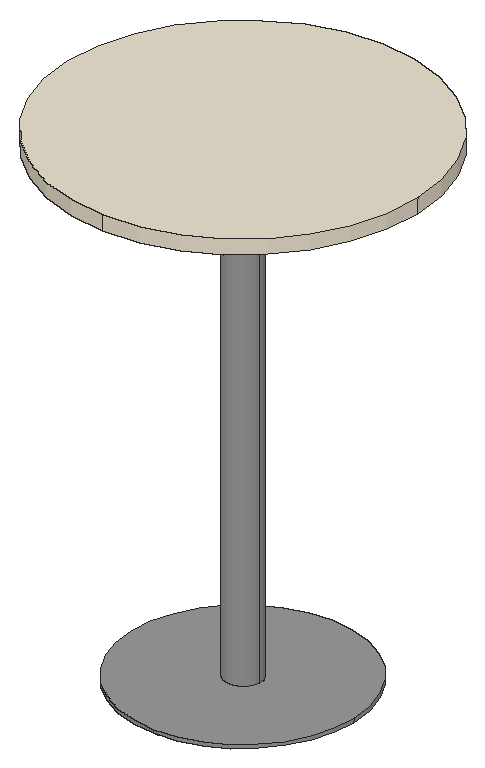
Revit family "FU_Table_Sandler_578A-XT", category Furniture, Revit 2020
Family settings
  OmniClass Number = 23.40.20.00
  OmniClass Title = General Furniture and Specialties
  Work Plane-Based = No
  Always vertical = Yes
  Cut with Voids When Loaded = No
  Shared = No
  Room Calculation Point = No
Parameters (values of type "578A XT - 32" Round Top (80cm)")
  Width = 510 mm
  URL = "https://www.sandlerseating.com/product/art-578a-xt/"
  Top Type = FU_TableTops_MT Rnd : 32" Round (80cm)
  Top Elevation = Height  # 1100 mm
  Top Finish [instance] = Wood - Beech - Grey Stained
  Model = "578A XT"
  Manufacturer = "Sandler"
  Height = 1100 mm
  Frame Finish [instance] = Metal - Steel - Matt-Satin
  Description = "Table base in stainless steel."
  Depth = Width  # 510 mm
  Default Elevation = 0 mm
Types (4, lengths in mm): name | Top Type | Top Finish | Frame Finish
  (no name) | FU_TableTops_MT Rnd : 32" Round (80cm) | Wood - Beech - Grey Stained | Metal - Steel - Matt-Satin
  578A XT - 32" Round Top (80cm) | FU_TableTops_MT Rnd : 32" Round (80cm) | Wood - Beech - Grey Stained | Metal - Steel - Matt-Satin
  578A XT - 36" Round Top (90cm) | FU_TableTops_MT Rnd : 36" Round (90cm) | Wood - Beech - Chestnut Stained | Metal - Steel - Matt-Satin
  578A XT - 28" Square Top (70cm) | FU_TableTops_MT Sqr : 28" Square (70cm) | Wood - Beech - Grey Stained | Metal - Steel - Polished
Reference planes
  plane 1 "Center (Front/Back)": y = 0
  plane 2: z = 0
  plane 3 "Center (Left/Right)": x = 0
  plane 4 "Right": x = -255
  plane 5 "Left": x = 255
  plane 6 "Back": y = 255
  plane 7 "Front": y = -255
  plane 8 "Height": z = 1100
  plane 9 "Top Support": z = 1080
  plane 10 "Glide Height": z = 6
  plane 11 "Base height": z = 14
  plane 12 "R Pad C": x = -239
  plane 13 "B Pad C": y = 239
  plane 14 "L Pad C": x = 239
  plane 15 "F Pad C": y = -239
Forms (mm)
  Extrusion 1, solid, material "Metal - Steel - Matt-Satin" <- "Frame Finish"
    sketch origin (0, 0, 6) x (-1, 0, 0) y (0, -1, 0)
      loop
        arc (255, 0) -> (180.312, 180.312) -> (0, 255) r 255
        arc (0, 255) -> (-180.312, 180.312) -> (-255, 0) r 255
        arc (-255, 0) -> (-180.312, -180.312) -> (0, -255) r 255
        arc (0, -255) -> (180.312, -180.312) -> (255, 0) r 255
    from 0 to 8
  Revolve 2, solid, material "Rubber, Black"
    sketch origin (0, 0, 0) x (1, 0, 0) y (0, 0, 1)
      loop
        line (-239, 0) -> (-239, 6) -> (-247, 6) -> (-247, 2)
        arc (-247, 2) -> (-246.414, 0.586) -> (-245, 0) r 2
        line (-245, 0) -> (-239, 0)
      axis (-239, 6) -> (-239, 0)
    angle from 0 to 360
  Revolve 3, solid, material "Rubber, Black"
    sketch origin (0, 0, 0) x (-1, 0, 0) y (0, 0, 1)
      loop
        line (-239, 0) -> (-239, 6) -> (-247, 6) -> (-247, 2)
        arc (-247, 2) -> (-246.414, 0.586) -> (-245, 0) r 2
        line (-245, 0) -> (-239, 0)
      axis (-239, 6) -> (-239, 0)
    angle from 0 to 360
  Revolve 4, solid, material "Rubber, Black"
    sketch origin (0, 0, 0) x (0, 1, 0) y (0, 0, 1)
      loop
        line (-239, 6) -> (-247, 6) -> (-247, 2)
        arc (-247, 2) -> (-246.414, 0.586) -> (-245, 0) r 2
        line (-245, 0) -> (-239, 0) -> (-239, 6)
      axis (-239, 6) -> (-239, 0)
    angle from 0 to 360
  Revolve 5, solid, material "Rubber, Black"
    sketch origin (0, 0, 0) x (0, -1, 0) y (0, 0, 1)
      loop
        line (-239, 6) -> (-247, 6) -> (-247, 2)
        arc (-247, 2) -> (-246.414, 0.586) -> (-245, 0) r 2
        line (-245, 0) -> (-239, 0) -> (-239, 6)
      axis (-239, 6) -> (-239, 0)
    angle from 0 to 360
  Extrusion 6, solid, material "Metal - Steel - Matt-Satin" <- "Frame Finish"
    sketch origin (0, 0, 6) x (-1, 0, 0) y (0, -1, 0)
      loop
        circle (0, 0) r 40
    from 0 to 1074
Dimensions and locks
  equal spacing: plane 4 "Right", plane 3 "Center (Left/Right)", plane 5 "Left"
  "Width": plane 4 "Right" to plane 5 "Left"
  equal spacing: plane 6 "Back", plane 1 "Center (Front/Back)", plane 7 "Front"
  "Depth": plane 6 "Back" to plane 7 "Front"
  "Height": plane 8 "Height" to level
  locked: plane 8 "Height" to plane 9 "Top Support" at 20
  locked: plane 4 "Right" to plane 12 "R Pad C" at 16
  plane 14 "L Pad C" to plane 5 "Left" = 16 mm
  locked: plane 6 "Back" to plane 13 "B Pad C" at 16
  locked: plane 15 "F Pad C" to plane 7 "Front" at 16
  aligned and locked: level to plane 2
  aligned and locked: Extrusion 1 to plane 11 "Base height"
  aligned and locked: plane 11 "Base height" to Extrusion 1  (x3)
  aligned and locked: plane 8 "Height" to nested 1
  aligned and locked: Extrusion 6 to plane 10 "Glide Height"
  aligned and locked: plane 9 "Top Support" to Extrusion 6
Automatic sketch dimensions
  Extrusion 1 sketch curve to Extrusion 1 sketch curve = 0 mm  (x12)
  plane 1 "Center (Front/Back)" to Extrusion 1 sketch curve = 0 mm
  Extrusion 1 sketch curve to plane 5 "Left" = 0 mm
  Extrusion 1 sketch curve to plane 3 "Center (Left/Right)" = 0 mm  (x3)
  Revolve 2 sketch curve to plane 10 "Glide Height" = 0 mm
  Revolve 2 sketch curve to level = 0 mm
  plane 12 "R Pad C" to Revolve 2 sketch curve = 0 mm  (x2)
  Revolve 2 sketch curve to Revolve 2 sketch curve = 6 mm
  Revolve 2 sketch curve to Revolve 2 sketch curve = 2 mm
  Revolve 2 sketch curve to level = 10.049 mm
  Revolve 2 sketch curve to plane 11 "Base height" = 2.095 mm
  Revolve 3 sketch curve to plane 10 "Glide Height" = 0 mm
  Revolve 3 sketch curve to level = 0 mm
  Revolve 3 sketch curve to plane 14 "L Pad C" = 0 mm  (x2)
  Revolve 3 sketch curve to Revolve 3 sketch curve = 6 mm
  Revolve 3 sketch curve to Revolve 3 sketch curve = 2 mm
  level to Revolve 3 sketch curve = 10.049 mm
  plane 11 "Base height" to Revolve 3 sketch curve = 2.095 mm
  Revolve 4 sketch curve to plane 10 "Glide Height" = 0 mm
  Revolve 4 sketch curve to level = 0 mm
  Revolve 4 sketch curve to plane 15 "F Pad C" = 0 mm  (x2)
  level to Revolve 4 sketch curve = 2 mm
  plane 15 "F Pad C" to Revolve 4 sketch curve = 6 mm
  Revolve 4 sketch curve to level = 5.787 mm
  Revolve 4 sketch curve to plane 11 "Base height" = 1.201 mm
  Revolve 5 sketch curve to plane 10 "Glide Height" = 0 mm
  Revolve 5 sketch curve to level = 0 mm
  Revolve 5 sketch curve to plane 13 "B Pad C" = 0 mm  (x2)
  Revolve 5 sketch curve to level = 2 mm
  Revolve 5 sketch curve to plane 13 "B Pad C" = 6 mm
  Revolve 5 sketch curve to Revolve 5 sketch curve = 5.787 mm
  plane 11 "Base height" to Revolve 5 sketch curve = 1.201 mm
  plane 1 "Center (Front/Back)" to Extrusion 6 sketch curve = 0 mm
  Extrusion 6 sketch curve to plane 3 "Center (Left/Right)" = 0 mm
  radius of Extrusion 6 sketch curve = 40 mm
Nested families
  nested 1: "MT Top Support" at (0, 0, 380), Frame Finish <- "Frame Finish", type "MT Top Support"
    with Frame Finish Metal - Steel - Matt-Satin
  nested 2: "FU_TableTops_MT Rnd" at (0, 0, 0), Top Elevation <- "Top Elevation", Top Finish <- "Top Finish", type <- "Top Type", type "32" Round (80cm)"
    with Top Finish Wood - Beech - Grey Stained, Top Elevation 1100 mm
Definition of nested family "MT Top Support"
  Parameters (values of type "MT Top Support")
    Frame Finish [instance] = none
    Default Elevation = 0 mm
  Reference planes
    plane 1 "Center (Front/Back)": y = 0
    plane 2: z = 0
    plane 3 "Center (Left/Right)": x = 0
    plane 4 "Right": x = -210
    plane 5 "Left": x = 210
    plane 6 "Back": y = 210
    plane 7 "Front": y = -210
    plane 8 "Height": z = 720
    plane 9: z = 700
  Forms (mm)
    Extrusion 1, solid, material <- "Frame Finish"
      sketch origin (0, 0, 700) x (-1, 0, 0) y (0, -1, 0)
        loop
          line (48, 44.024) -> (119.736, 115.76)
          arc (119.736, 115.76) -> (116.918, 118.6) -> (114.032, 121.37) r 166.741
          line (114.032, 121.37) -> (40.38, 47.718) -> (-40.38, 47.718) -> (-114.032, 121.37)
          arc (-114.032, 121.37) -> (-116.918, 118.6) -> (-119.736, 115.76) r 166.741
          line (-119.736, 115.76) -> (-48, 44.024) -> (-48, -44.024) -> (-120.014, -116.038)
          arc (-120.014, -116.038) -> (-117.202, -118.884) -> (-114.323, -121.661) r 166.741
          line (-114.323, -121.661) -> (-40.944, -48.282) -> (40.944, -48.282) -> (114.323, -121.661)
          arc (114.323, -121.661) -> (117.202, -118.884) -> (120.014, -116.038) r 166.741
          line (120.014, -116.038) -> (48, -44.024) -> (48, 44.024)
      from 0 to 15
    Extrusion 2, solid, material <- "Frame Finish"
      sketch origin (0, 0, 720) x (-1, 0, 0) y (0, -1, 0)
        loop
          arc (48, 9.198) -> (50.194, 20.46) -> (56.455, 30.074) r 30
          line (56.455, 30.074) -> (155.027, 131.809)
          arc (155.027, 131.809) -> (157.282, 137.439) -> (154.939, 143.033) r 8
          line (154.939, 143.033) -> (142.122, 155.85)
          arc (142.122, 155.85) -> (136.465, 158.193) -> (130.808, 155.85) r 8
          line (130.808, 155.85) -> (32.027, 57.069)
          arc (32.027, 57.069) -> (22.294, 50.566) -> (10.814, 48.282) r 30
          line (10.814, 48.282) -> (-10.814, 48.282)
          arc (-10.814, 48.282) -> (-22.294, 50.566) -> (-32.027, 57.069) r 30
          line (-32.027, 57.069) -> (-130.808, 155.85)
          arc (-130.808, 155.85) -> (-136.465, 158.193) -> (-142.122, 155.85) r 8
          line (-142.122, 155.85) -> (-154.939, 143.033)
          arc (-154.939, 143.033) -> (-157.282, 137.439) -> (-155.027, 131.809) r 8
          line (-155.027, 131.809) -> (-56.455, 30.074)
          arc (-56.455, 30.074) -> (-50.194, 20.46) -> (-48, 9.198) r 30
          line (-48, 9.198) -> (-48, -9.198)
          arc (-48, -9.198) -> (-50.194, -20.46) -> (-56.455, -30.074) r 30
          line (-56.455, -30.074) -> (-155.027, -131.809)
          arc (-155.027, -131.809) -> (-157.282, -137.439) -> (-154.939, -143.033) r 8
          line (-154.939, -143.033) -> (-142.122, -155.85)
          arc (-142.122, -155.85) -> (-136.465, -158.193) -> (-130.808, -155.85) r 8
          line (-130.808, -155.85) -> (-32.027, -57.069)
          arc (-32.027, -57.069) -> (-22.294, -50.566) -> (-10.814, -48.282) r 30
          line (-10.814, -48.282) -> (10.814, -48.282)
          arc (10.814, -48.282) -> (22.294, -50.566) -> (32.027, -57.069) r 30
          line (32.027, -57.069) -> (130.808, -155.85)
          arc (130.808, -155.85) -> (136.465, -158.193) -> (142.122, -155.85) r 8
          line (142.122, -155.85) -> (154.939, -143.033)
          arc (154.939, -143.033) -> (157.282, -137.439) -> (155.027, -131.809) r 8
          line (155.027, -131.809) -> (56.455, -30.074)
          arc (56.455, -30.074) -> (50.194, -20.46) -> (48, -9.198) r 30
          line (48, -9.198) -> (48, 9.198)
        loop
          line (-134.399, -141.055) -> (-124.502, -131.158)
          arc (-124.502, -131.158) -> (-124.502, -125.502) -> (-130.158, -125.502) r 3.999
          line (-130.158, -125.502) -> (-140.055, -135.399)
          arc (-140.055, -135.399) -> (-140, -141.001) -> (-134.399, -141.055) r 4
        loop
          arc (134.399, -141.055) -> (140, -141.001) -> (140.055, -135.399) r 4
          line (140.055, -135.399) -> (130.158, -125.502)
          arc (130.158, -125.502) -> (124.502, -125.502) -> (124.502, -131.158) r 3.999
          line (124.502, -131.158) -> (134.399, -141.055)
        loop
          arc (-134.399, 141.055) -> (-140, 141.001) -> (-140.055, 135.399) r 4
          line (-140.055, 135.399) -> (-130.158, 125.502)
          arc (-130.158, 125.502) -> (-124.502, 125.502) -> (-124.502, 131.158) r 3.999
          line (-124.502, 131.158) -> (-134.399, 141.055)
        loop
          line (134.399, 141.055) -> (124.502, 131.158)
          arc (124.502, 131.158) -> (124.502, 125.502) -> (130.158, 125.502) r 3.999
          line (130.158, 125.502) -> (140.055, 135.399)
          arc (140.055, 135.399) -> (140, 141.001) -> (134.399, 141.055) r 4
        loop
          circle (0, 0) r 7.5
      from -10 to 0
  Dimensions and locks
    equal spacing: plane 4 "Right", plane 3 "Center (Left/Right)", plane 5 "Left"
    plane 4 "Right" to plane 5 "Left" = 420 mm
    equal spacing: plane 6 "Back", plane 1 "Center (Front/Back)", plane 7 "Front"
    plane 6 "Back" to plane 7 "Front" = 420 mm
    plane 8 "Height" to level = 720 mm
    locked: plane 8 "Height" to plane 9 at 20
    aligned and locked: level to plane 2
  Automatic sketch dimensions
    plane 1 "Center (Front/Back)" to Extrusion 2 sketch curve = 0 mm
    Extrusion 2 sketch curve to plane 3 "Center (Left/Right)" = 0 mm
    plane 3 "Center (Left/Right)" to Extrusion 2 sketch curve = 10.814 mm  (x2)
    Extrusion 2 sketch curve to Extrusion 2 sketch curve = 21.213 mm  (x4)
    plane 1 "Center (Front/Back)" to Extrusion 2 sketch curve = 9.198 mm  (x2)
    plane 3 "Center (Left/Right)" to Extrusion 2 sketch curve = 48 mm
    Extrusion 2 sketch curve to plane 1 "Center (Front/Back)" = 30.074 mm  (x2)
    Extrusion 2 sketch curve to Extrusion 2 sketch curve = 8.455 mm  (x4)
    plane 1 "Center (Front/Back)" to Extrusion 2 sketch curve = 30.074 mm  (x2)
    Extrusion 2 sketch curve to plane 1 "Center (Front/Back)" = 9.198 mm  (x2)
    plane 5 "Left" to Extrusion 2 sketch curve = 85.498 mm  (x2)
    Extrusion 2 sketch curve to Extrusion 2 sketch curve = 2.828 mm  (x12)
    Extrusion 2 sketch curve to Extrusion 2 sketch curve = 6.306 mm  (x4)
    Extrusion 2 sketch curve to Extrusion 2 sketch curve = 9.897 mm  (x8)
    Extrusion 2 sketch curve to Extrusion 2 sketch curve = 5.657 mm  (x16)
    Extrusion 2 sketch curve to Extrusion 2 sketch curve = 2.773 mm  (x8)
    Extrusion 2 sketch curve to Extrusion 2 sketch curve = 2.883 mm  (x4)
    Extrusion 2 sketch curve to Extrusion 2 sketch curve = 9.227 mm  (x4)
    Extrusion 2 sketch curve to Extrusion 2 sketch curve = 5.745 mm  (x4)
    Extrusion 2 sketch curve to plane 3 "Center (Left/Right)" = 10.814 mm  (x2)
    Extrusion 2 sketch curve to plane 3 "Center (Left/Right)" = 48 mm
    Extrusion 2 sketch curve to plane 1 "Center (Front/Back)" = 48.282 mm
    Extrusion 2 sketch curve to Extrusion 2 sketch curve = 8.787 mm  (x4)
    Extrusion 2 sketch curve to plane 6 "Back" = 84.498 mm  (x2)
    Extrusion 2 sketch curve to Extrusion 2 sketch curve = 6.307 mm  (x4)
    Extrusion 2 sketch curve to Extrusion 2 sketch curve = 5.567 mm  (x4)
    Extrusion 2 sketch curve to Extrusion 2 sketch curve = 9.138 mm  (x4)
    plane 1 "Center (Front/Back)" to Extrusion 2 sketch curve = 48.282 mm
    plane 7 "Front" to Extrusion 2 sketch curve = 84.498 mm  (x2)
    Extrusion 1 sketch curve to Extrusion 1 sketch curve = 0 mm  (x12)
    Extrusion 1 sketch curve to plane 3 "Center (Left/Right)" = 0 mm
    plane 3 "Center (Left/Right)" to Extrusion 1 sketch curve = 40.38 mm
    plane 3 "Center (Left/Right)" to Extrusion 1 sketch curve = 40.944 mm
    Extrusion 1 sketch curve to Extrusion 1 sketch curve = 7.056 mm  (x2)
    plane 5 "Left" to Extrusion 1 sketch curve = 95.968 mm
    plane 5 "Left" to Extrusion 1 sketch curve = 95.677 mm
    Extrusion 1 sketch curve to Extrusion 1 sketch curve = 5.704 mm  (x2)
    Extrusion 1 sketch curve to Extrusion 1 sketch curve = 5.691 mm  (x2)
    Extrusion 1 sketch curve to plane 3 "Center (Left/Right)" = 40.38 mm
    Extrusion 1 sketch curve to plane 3 "Center (Left/Right)" = 40.944 mm
    Extrusion 1 sketch curve to plane 6 "Back" = 88.339 mm  (x2)
    Extrusion 1 sketch curve to Extrusion 1 sketch curve = 5.623 mm
    Extrusion 1 sketch curve to plane 1 "Center (Front/Back)" = 48.282 mm
    Extrusion 1 sketch curve to Extrusion 1 sketch curve = 4.258 mm  (x2)
    plane 1 "Center (Front/Back)" to Extrusion 1 sketch curve = 44.024 mm  (x2)
    Extrusion 1 sketch curve to Extrusion 1 sketch curve = 3.693 mm
    plane 7 "Front" to Extrusion 1 sketch curve = 94.24 mm  (x2)
    Extrusion 1 sketch curve to plane 4 "Right" = 95.968 mm
    Extrusion 1 sketch curve to plane 4 "Right" = 95.677 mm
    Extrusion 2 sketch curve to plane 4 "Right" = 85.498 mm  (x2)
    radius of Extrusion 2 sketch curve = 7.5 mm
Definition of nested family "FU_TableTops_MT Rnd"
  Parameters (values of type "59" Round (150cm)")
    Width = 1500 mm
    Top Finish [instance] = none
    Top Elevation [instance] = 1100 mm
    Depth = Width  # 1500 mm
    Default Elevation = 0 mm
  Types (10, lengths in mm): name | Width | Depth
    24" Round (60cm) | 600 | 600
    28" Round (70cm) | 700 | 700
    32" Round (80cm) | 800 | 800
    36" Round (90cm) | 900 | 900
    40" Round (100cm) | 1000 | 1000
    44" Round (110cm) | 1100 | 1100
    47" Round (120cm) | 1200 | 1200
    51" Round (130cm) | 1300 | 1300
    55" Round (140cm) | 1400 | 1400
    59" Round (150cm) | 1500 | 1500
  Reference planes
    plane 1 "Center (Front/Back)": y = 0
    plane 2: z = 0
    plane 3 "Center (Left/Right)": x = 0
    plane 4 "Right": x = -750
    plane 5 "Left": x = 750
    plane 6 "Back": y = 750
    plane 7 "Front": y = -750
    plane 8 "Elevation": z = 1100
    plane 9 "Top Height": z = 1131.75
  Forms (mm)
    Extrusion 1, solid, material <- "Top Finish"
      sketch origin (0, 0, 1100) x (-1, 0, 0) y (0, -1, 0)
        loop
          arc (0, -750) -> (530.33, -530.33) -> (750, 0) r 750
          arc (750, 0) -> (530.33, 530.33) -> (0, 750) r 750
          arc (0, 750) -> (-530.33, 530.33) -> (-750, 0) r 750
          arc (-750, 0) -> (-530.33, -530.33) -> (0, -750) r 750
      from 0 to 31.75
  Dimensions and locks
    equal spacing: plane 4 "Right", plane 3 "Center (Left/Right)", plane 5 "Left"
    "Width": plane 4 "Right" to plane 5 "Left"
    equal spacing: plane 6 "Back", plane 1 "Center (Front/Back)", plane 7 "Front"
    "Depth": plane 6 "Back" to plane 7 "Front"
    "Top Elevation": plane 8 "Elevation" to level
    locked: plane 9 "Top Height" to plane 8 "Elevation" at 31.75
    aligned and locked: level to plane 2
    aligned and locked: plane 9 "Top Height" to Extrusion 1
  Automatic sketch dimensions
    Extrusion 1 sketch curve to Extrusion 1 sketch curve = 0 mm  (x7)
    plane 1 "Center (Front/Back)" to Extrusion 1 sketch curve = 0 mm  (x2)
    Extrusion 1 sketch curve to plane 5 "Left" = 0 mm
    Extrusion 1 sketch curve to plane 3 "Center (Left/Right)" = 0 mm  (x3)
    Extrusion 1 sketch curve to plane 6 "Back" = 0 mm
